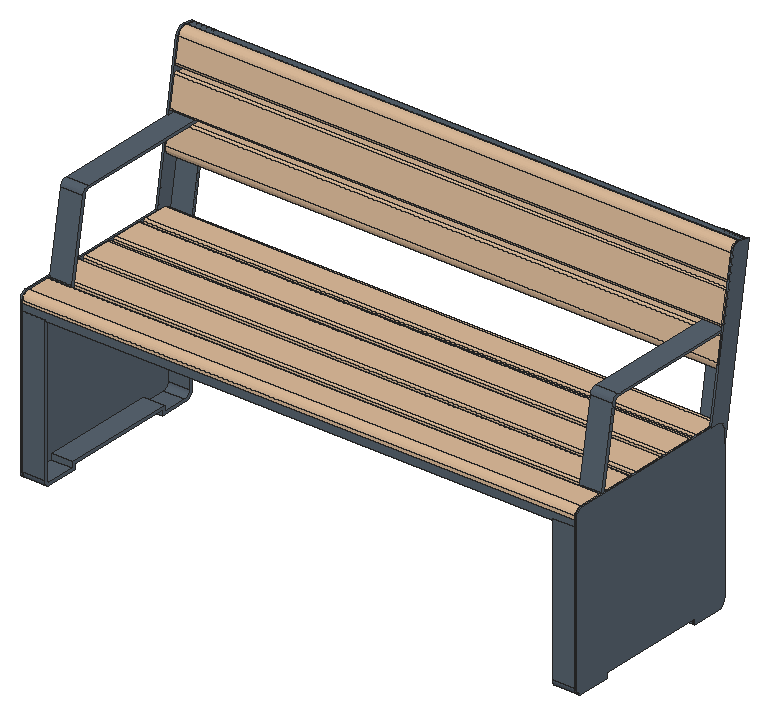
Revit family "product code 61104-S-L", category Meble, Revit 2021
Family settings
  Numer OmniClass = 23.40.20.00
  Tytuł OmniClass = General Furniture and Specialties
  Oparty na płaszczyźnie roboczej = Nie
  Zawsze pionowo = Tak
  Tnij formami wycięć po wczytaniu = Nie
  Współdzielony = Nie
  Punkt obliczania pomieszczeń = Nie
Parameters (values of type "61104-S-L")
  wood = Kobenhagen Wood - Larch
  metal = Kobenhagen RAL 5011
  Width = "58 cm"
  Weight = "65 kg"
  URL = "https://kobenhagen.com/en_US/p/Indre-By-3-person-Bench-wArmrest/204"
  Seat height = "45 cm"
  Product line = "Indre By"
  Product Groups = "Sofa Benches"
  Producent = "Lars Laj"
  Keynote = ""
  Opis = "Indre By 3-person Bench w/Armrest"
  Model = "61104-S-L"
  Material = "Larch, stainless steel, powder coated steel"
  Maintenance = "We recommend to examine and tighten all screws and bolt clamps after a few weeks’ use. In order to prevent cracks and to extend the life of the wood, it is recommended that the wood details should be oiled every 3-5 years."
  Lenght = "150 cm"
  Type Comments = ""
  Kobenhagen Materials = "larslaj.com/bim"
  Hosted on larslaj.com = "https://larslaj.com/bim"
  Height = "86 cm"
  Domyślna rzędna = 0 mm
  Copyright = "All designs and drawings are the intellectual property of Lars Laj A/S and are protected by Danish and international copyright laws."
Reference planes
  plane 1 "front": y = 0
  plane 2: z = 0
  plane 3 "Środek (Lewa/Prawa)": x = 0
  plane 4 "left": x = -745
  plane 5 "right": x = 745
  plane 6 "back": y = 575.242
  plane 7: x = -685
  plane 8: x = 685
  plane 9: x = 0
  plane 10: x = 208.333
  plane 11: z = 405.84
Forms (mm)
  Extrusion 1, solid, material "Kobenhagen Wood - Larch" <- "wood"
    sketch origin (0, 9.969, 21.46) x (0, 1, 0) y (0, 0, 1)
      loop
        arc (260.118, 430.04) -> (256.583, 428.576) -> (255.118, 425.04) r 5
        line (255.118, 425.04) -> (255.118, 388.972)
        arc (255.118, 388.972) -> (255.693, 387.586) -> (257.078, 387.012) r 1.96
        line (257.078, 387.012) -> (342.493, 387.012)
        arc (342.493, 387.012) -> (343.908, 387.598) -> (344.493, 389.012) r 2
        line (344.493, 389.012) -> (344.493, 425.04)
        arc (344.493, 425.04) -> (343.029, 428.576) -> (339.493, 430.04) r 5
        line (339.493, 430.04) -> (260.118, 430.04)
    from -745 to 745
  Extrusion 2, solid, material "Kobenhagen Wood - Larch" <- "wood"
    sketch origin (0, -92.48, 21.46) x (0, 1, 0) y (0, 0, 1)
      loop
        arc (260.118, 430.04) -> (256.583, 428.576) -> (255.118, 425.04) r 5
        line (255.118, 425.04) -> (255.118, 388.972)
        arc (255.118, 388.972) -> (255.693, 387.586) -> (257.078, 387.012) r 1.96
        line (257.078, 387.012) -> (342.493, 387.012)
        arc (342.493, 387.012) -> (343.908, 387.598) -> (344.493, 389.012) r 2
        line (344.493, 389.012) -> (344.493, 425.04)
        arc (344.493, 425.04) -> (343.029, 428.576) -> (339.493, 430.04) r 5
        line (339.493, 430.04) -> (260.118, 430.04)
    from -745 to 745
  Extrusion 3, solid, material "Kobenhagen Wood - Larch" <- "wood"
    sketch origin (0, -194.98, 21.46) x (0, 1, 0) y (0, 0, 1)
      loop
        arc (275.801, 430.04) -> (263.156, 425.553) -> (256.167, 414.098) r 20.061
        line (256.167, 414.098) -> (256.167, 405.294) -> (258.712, 405.294) -> (258.712, 387.013) -> (343.118, 387.013)
        arc (343.118, 387.013) -> (344.532, 387.598) -> (345.117, 389.012) r 1.999
        line (345.117, 389.012) -> (345.117, 425.043)
        arc (345.117, 425.043) -> (343.653, 428.577) -> (340.119, 430.04) r 4.998
        line (340.119, 430.04) -> (275.801, 430.04)
    from -745 to 745
  Extrusion 4, solid, material "Kobenhagen Wood - Larch" <- "wood"
    sketch origin (0, 112.52, 23.25) x (0, 1, 0) y (0, 0, 1)
      loop
        arc (260.118, 428.25) -> (256.583, 426.786) -> (255.118, 423.25) r 5
        line (255.118, 423.25) -> (255.118, 387.182)
        arc (255.118, 387.182) -> (255.693, 385.796) -> (257.078, 385.222) r 1.96
        line (257.078, 385.222) -> (342.493, 385.222)
        arc (342.493, 385.222) -> (343.908, 385.808) -> (344.493, 387.222) r 2
        line (344.493, 387.222) -> (344.493, 423.25)
        arc (344.493, 423.25) -> (343.029, 426.786) -> (339.493, 428.25) r 5
        line (339.493, 428.25) -> (260.118, 428.25)
    from -745 to 745
  Extrusion 5, solid, material "Kobenhagen Wood - Larch" <- "wood"
    sketch origin (0, 953.724, 450.045) x (0, 0.173648, 0.984808) y (0, -0.984808, 0.173648)
      loop
        arc (260.118, 430.036) -> (256.583, 428.571) -> (255.118, 425.036) r 5
        line (255.118, 425.036) -> (255.118, 389.305)
        arc (255.118, 389.305) -> (255.693, 387.919) -> (257.078, 387.345) r 1.96
        line (257.078, 387.345) -> (340.844, 387.345) -> (341.142, 404.427) -> (343.687, 404.427)
        arc (343.687, 404.427) -> (338.586, 422.281) -> (321.714, 430.036) r 22.231
        line (321.714, 430.036) -> (260.118, 430.036)
    from -745 to 745
  Extrusion 6, solid, material "Kobenhagen Wood - Larch" <- "wood"
    sketch origin (0, 935.653, 348.398) x (0, 0.173648, 0.984808) y (0, -0.984808, 0.173648)
      loop
        arc (260.118, 429.703) -> (256.583, 428.239) -> (255.118, 424.703) r 5
        line (255.118, 424.703) -> (255.118, 388.972)
        arc (255.118, 388.972) -> (255.693, 387.586) -> (257.078, 387.012) r 1.96
        line (257.078, 387.012) -> (342.493, 387.012)
        arc (342.493, 387.012) -> (343.908, 387.598) -> (344.493, 389.012) r 2
        line (344.493, 389.012) -> (344.493, 424.703)
        arc (344.493, 424.703) -> (343.029, 428.239) -> (339.493, 429.703) r 5
        line (339.493, 429.703) -> (260.118, 429.703)
    from -745 to 745
  Extrusion 7, solid, material "Kobenhagen RAL 5011" <- "metal"
    sketch origin (1495.378, 10, 0) x (0, -1, 0) y (0, 0, 1)
      loop
        line (-71.187, 451.5) -> (-526.545, 451.5)
        arc (-526.545, 451.5) -> (-542.168, 445.029) -> (-548.638, 429.407) r 22.093
        line (-548.638, 429.407) -> (-548.638, 21.615)
        arc (-548.638, 21.615) -> (-542.307, 6.331) -> (-527.023, 0) r 21.615
        line (-527.023, 0) -> (-448.638, 0) -> (-448.638, 15) -> (-153.638, 15) -> (-153.638, 0) -> (-69.418, 0)
        arc (-69.418, 0) -> (-56.527, 5.34) -> (-51.187, 18.231) r 18.231
        line (-51.187, 18.231) -> (-51.187, 431.5)
        arc (-51.187, 431.5) -> (-57.045, 445.642) -> (-71.187, 451.5) r 20
    from 750.378 to 745
  Extrusion 8, solid, material "Kobenhagen RAL 5011" <- "metal"
    sketch origin (1495.378, 10, 0) x (0, -1, 0) y (0, 0, 1)
      loop
        line (-548.638, 396.844) -> (-548.638, 429.407)
        arc (-548.638, 429.407) -> (-542.168, 445.029) -> (-526.545, 451.5) r 22.093
        line (-526.545, 451.5) -> (-507.306, 451.5) -> (-576.082, 841.547)
        arc (-576.082, 841.547) -> (-585.224, 855.898) -> (-601.836, 859.581) r 22.232
        line (-601.836, 859.581) -> (-629.375, 854.725) -> (-548.638, 396.844)
    from 745 to 750.378
  Extrusion 9, solid, material "Kobenhagen RAL 5011" <- "metal", not visible
    sketch origin (0, -20, 0) x (0, 1, 0) y (0, 0, 1)
      loop
        arc (91.187, 451.5) -> (77.045, 445.642) -> (71.187, 431.5) r 20
        line (71.187, 431.5) -> (71.187, 18.231)
        arc (71.187, 18.231) -> (76.527, 5.34) -> (89.418, 0) r 18.231
        line (89.418, 0) -> (173.638, 0) -> (173.638, 15) -> (468.638, 15) -> (468.638, 0) -> (547.023, 0)
        arc (547.023, 0) -> (562.307, 6.331) -> (568.638, 21.615) r 21.615
        line (568.638, 21.615) -> (568.638, 429.407)
        arc (568.638, 429.407) -> (562.168, 445.029) -> (546.545, 451.5) r 22.093
        line (546.545, 451.5) -> (91.187, 451.5)
    from 750.378 to 745
  Extrusion 10, solid, material "Kobenhagen RAL 5011" <- "metal", not visible
    sketch origin (0, -20, 0) x (0, 1, 0) y (0, 0, 1)
      loop
        line (568.638, 396.844) -> (649.375, 854.725) -> (621.836, 859.581)
        arc (621.836, 859.581) -> (605.224, 855.898) -> (596.082, 841.547) r 22.232
        line (596.082, 841.547) -> (527.306, 451.5) -> (546.545, 451.5)
        arc (546.545, 451.5) -> (562.168, 445.029) -> (568.638, 429.407) r 22.093
        line (568.638, 429.407) -> (568.638, 396.844)
    from 745 to 750.378
  Extrusion 11, solid, material "Kobenhagen RAL 5011" <- "metal"
    sketch origin (0, 10, 0) x (0, -1, 0) y (0, 0, 1)
      loop
        line (-71.187, 451.5) -> (-526.545, 451.5)
        arc (-526.545, 451.5) -> (-542.168, 445.029) -> (-548.638, 429.407) r 22.093
        line (-548.638, 429.407) -> (-548.638, 21.615)
        arc (-548.638, 21.615) -> (-542.307, 6.331) -> (-527.023, 0) r 21.615
        line (-527.023, 0) -> (-448.638, 0) -> (-448.638, 15) -> (-153.638, 15) -> (-153.638, 0) -> (-69.418, 0)
        arc (-69.418, 0) -> (-56.527, 5.34) -> (-51.187, 18.231) r 18.231
        line (-51.187, 18.231) -> (-51.187, 431.5)
        arc (-51.187, 431.5) -> (-57.045, 445.642) -> (-71.187, 451.5) r 20
    from 750.378 to 745
  Extrusion 12, solid, material "Kobenhagen RAL 5011" <- "metal"
    sketch origin (0, 10, 0) x (0, -1, 0) y (0, 0, 1)
      loop
        line (-548.638, 396.844) -> (-548.638, 429.407)
        arc (-548.638, 429.407) -> (-542.168, 445.029) -> (-526.545, 451.5) r 22.093
        line (-526.545, 451.5) -> (-507.306, 451.5) -> (-576.082, 841.547)
        arc (-576.082, 841.547) -> (-585.224, 855.898) -> (-601.836, 859.581) r 22.232
        line (-601.836, 859.581) -> (-629.375, 854.725) -> (-548.638, 396.844)
    from 745 to 750.378
  Extrusion 13, solid, material "Kobenhagen RAL 5011" <- "metal"
    sketch origin (0, 10, 0) x (0, 1, 0) y (0, 0, 1)
      loop
        line (548.638, 396.844) -> (629.375, 854.725) -> (621.989, 856.027) -> (543.073, 408.472) -> (51.187, 408.472) -> (51.187, 18.763)
        arc (51.187, 18.763) -> (56.683, 5.495) -> (69.95, 0) r 18.763
        line (69.95, 0) -> (153.638, 0) -> (153.638, 15) -> (448.638, 15) -> (448.638, 0) -> (525.342, 0)
        arc (525.342, 0) -> (541.815, 6.823) -> (548.638, 23.296) r 23.296
        line (548.638, 23.296) -> (548.638, 396.844)
      loop
        line (58.687, 400.262) -> (58.687, 18.763)
        arc (58.687, 18.763) -> (61.986, 10.799) -> (69.95, 7.5) r 11.263
        line (69.95, 7.5) -> (146.138, 7.5) -> (146.138, 22.5) -> (456.138, 22.5) -> (456.138, 7.5) -> (525.342, 7.5)
        arc (525.342, 7.5) -> (536.512, 12.127) -> (541.138, 23.296) r 15.796
        line (541.138, 23.296) -> (541.138, 400.262) -> (58.687, 400.262)
    from -745 to -685
  Extrusion 14, solid, material "Kobenhagen RAL 5011" <- "metal"
    sketch origin (0, 10, 0) x (0, 1, 0) y (0, 0, -1)
      loop
        line (548.638, -396.844) -> (548.638, -23.296)
        arc (548.638, -23.296) -> (541.815, -6.823) -> (525.342, 0) r 23.296
        line (525.342, 0) -> (448.638, 0) -> (448.638, -15) -> (153.638, -15) -> (153.638, 0) -> (69.95, 0)
        arc (69.95, 0) -> (56.683, -5.495) -> (51.187, -18.763) r 18.763
        line (51.187, -18.763) -> (51.187, -408.472) -> (543.073, -408.472) -> (621.989, -856.027) -> (629.375, -854.725) -> (548.638, -396.844)
      loop
        line (58.687, -400.262) -> (541.138, -400.262) -> (541.138, -23.296)
        arc (541.138, -23.296) -> (536.512, -12.127) -> (525.342, -7.5) r 15.796
        line (525.342, -7.5) -> (456.138, -7.5) -> (456.138, -22.5) -> (146.138, -22.5) -> (146.138, -7.5) -> (69.95, -7.5)
        arc (69.95, -7.5) -> (61.986, -10.799) -> (58.687, -18.763) r 11.263
        line (58.687, -18.763) -> (58.687, -400.262)
    from -745 to -685
  Extrusion 15, solid, material "Kobenhagen RAL 5011" <- "metal"
    sketch origin (0, 10, 0) x (0, 1, 0) y (0, 0, 1)
      loop
        line (577.348, 584.635) -> (621.711, 836.229) -> (618.595, 836.779) -> (574.232, 585.184) -> (577.348, 584.635)
      loop
        line (528.367, 408.472) -> (70.558, 408.472) -> (70.558, 405.84) -> (528.367, 405.84) -> (528.367, 408.472)
    from 30.17 to -30.156
  Extrusion 16, solid, material "Kobenhagen RAL 5011" <- "metal"
    sketch origin (-448.75, 7.5, 0) x (0, 1, 0) y (0, 0, -1)
      loop
        line (201.286, -666.675) -> (591.375, -666.675) -> (590.359, -660.675) -> (201.286, -660.675)
        arc (201.286, -660.675) -> (192.655, -657.664) -> (187.77, -649.936) r 13.876
        line (187.77, -649.936) -> (151.888, -450) -> (151.796, -407) -> (145.796, -407) -> (145.796, -450) -> (181.888, -651.132)
        arc (181.888, -651.132) -> (188.672, -662.542) -> (201.286, -666.675) r 18.898
    from 235.625 to 295.625
  Extrusion 17, solid, material "Kobenhagen RAL 5011" <- "metal"
    sketch origin (448.75, 7.5, 0) x (0, 1, 0) y (0, 0, 1)
      loop
        arc (201.286, 666.675) -> (188.672, 662.542) -> (181.888, 651.132) r 18.898
        line (181.888, 651.132) -> (145.796, 450) -> (145.796, 407) -> (151.796, 407) -> (151.888, 450) -> (187.77, 649.936)
        arc (187.77, 649.936) -> (192.655, 657.664) -> (201.286, 660.675) r 13.876
        line (201.286, 660.675) -> (590.359, 660.675) -> (591.375, 666.675) -> (201.286, 666.675)
    from 235.625 to 295.625
  Extrusion 18, solid, material "Kobenhagen RAL 5011" <- "metal"
    sketch origin (0, 10.504, 0.203) x (0, 1, 0) y (0, 0, 1)
      loop
        line (624.848, 855.34) -> (604.709, 859.052) -> (604.207, 856.208) -> (621.46, 853.027) -> (618.538, 836.456) -> (621.274, 835.952) -> (624.848, 855.34)
    from -745 to 745
  Extrusion 19, solid, material "Kobenhagen Wood - Larch" <- "wood"
    sketch origin (0, 1021.981, 837.303) x (0, -0.173648, -0.984808) y (0, 0.984808, -0.173648)
      loop
        line (260.118, -430.036) -> (321.714, -430.036)
        arc (321.714, -430.036) -> (338.586, -422.281) -> (343.687, -404.427) r 22.231
        line (343.687, -404.427) -> (341.142, -404.427) -> (340.844, -387.345) -> (257.078, -387.345)
        arc (257.078, -387.345) -> (255.693, -387.919) -> (255.118, -389.305) r 1.96
        line (255.118, -389.305) -> (255.118, -425.036)
        arc (255.118, -425.036) -> (256.583, -428.571) -> (260.118, -430.036) r 5
    from -745 to 745
  Extrusion 20, solid, material "Kobenhagen RAL 5011" <- "metal"
    sketch origin (0, 289.402, 1582.615) x (0, 0.939693, -0.34202) y (0, 0.34202, 0.939693)
      loop
        line (624.848, -855.34) -> (621.274, -835.952) -> (618.538, -836.456) -> (621.46, -853.027) -> (604.207, -856.208) -> (604.709, -859.052) -> (624.848, -855.34)
    from -745 to 745
  Extrusion 21, solid, material "Kobenhagen RAL 5011" <- "metal"
    sketch origin (0, 1015.287, 865.275) x (0, -0.181284, -0.983431) y (0, 0.983431, -0.181284)
      loop
        line (624.786, -855.002) -> (621.274, -835.952) -> (618.685, -836.429) -> (621.736, -852.976) -> (603.757, -856.291) -> (604.218, -858.793) -> (624.786, -855.002)
    from -745 to 745
  Extrusion 22, solid, material "Kobenhagen Wood - Larch" <- "wood"
    sketch origin (0, 813.906, 21.46) x (0, -1, 0) y (0, 0, -1)
      loop
        line (275.801, -430.04) -> (340.119, -430.04)
        arc (340.119, -430.04) -> (343.653, -428.577) -> (345.117, -425.043) r 4.998
        line (345.117, -425.043) -> (345.117, -389.012)
        arc (345.117, -389.012) -> (344.532, -387.598) -> (343.118, -387.013) r 1.999
        line (343.118, -387.013) -> (258.712, -387.013) -> (258.712, -405.294) -> (255.741, -405.294) -> (255.741, -410.134)
        arc (255.741, -410.134) -> (261.671, -424.219) -> (275.801, -430.04) r 20.061
    from -745 to 745
  Extrusion 23, solid, material "Kobenhagen RAL 5011" <- "metal"
    sketch origin (0, -396.361, 865.275) x (0, 0.181284, -0.983431) y (0, 0.983431, 0.181284)
      loop
        line (624.863, 855.422) -> (604.296, 859.213) -> (603.757, 856.291) -> (621.736, 852.976) -> (618.686, 836.429) -> (621.274, 835.952) -> (624.863, 855.422)
    from -745 to 745
Dimensions and locks
  Extrusion 1 sketch curve to Extrusion 1 sketch curve = 89.375 mm
  Extrusion 1 sketch curve to Extrusion 1 sketch curve = 43.028 mm
  Extrusion 2 sketch curve to Extrusion 2 sketch curve = 89.375 mm
  Extrusion 2 sketch curve to Extrusion 2 sketch curve = 43.028 mm
  Extrusion 3 sketch curve to Extrusion 3 sketch curve = 43.028 mm
  Extrusion 4 sketch curve to Extrusion 4 sketch curve = 89.375 mm
  Extrusion 4 sketch curve to Extrusion 4 sketch curve = 43.028 mm
  Extrusion 5 sketch curve to Extrusion 5 sketch curve = 42.691 mm
  Extrusion 6 sketch curve to Extrusion 6 sketch curve = 89.375 mm
  Extrusion 6 sketch curve to Extrusion 6 sketch curve = 42.691 mm
  Extrusion 19 sketch curve to Extrusion 19 sketch curve = 42.691 mm
  Extrusion 22 sketch curve to Extrusion 22 sketch curve = 43.028 mm
  aligned and locked: level to plane 2
  aligned and locked: plane 5 "right" to Extrusion 1
  aligned and locked: Extrusion 1 to plane 4 "left"
  aligned and locked: plane 5 "right" to Extrusion 4
  aligned and locked: Extrusion 2 to plane 5 "right"
  aligned and locked: Extrusion 3 to plane 5 "right"
  aligned and locked: plane 5 "right" to Extrusion 5
  aligned and locked: plane 5 "right" to Extrusion 6
  aligned and locked: Extrusion 5 to plane 4 "left"
  aligned and locked: Extrusion 6 to plane 4 "left"
  aligned and locked: Extrusion 4 to plane 4 "left"
  aligned and locked: Extrusion 2 to plane 4 "left"
  aligned and locked: plane 4 "left" to Extrusion 3
  aligned and locked: Extrusion 7 to Extrusion 8
  aligned and locked: Extrusion 11 to Extrusion 12
  aligned and locked: Extrusion 8 to plane 5 "right"
  aligned and locked: Extrusion 11 to plane 4 "left"
  aligned and locked: Extrusion 13 to plane 4 "left"
  aligned and locked: Extrusion 13 to plane 7
  aligned and locked: plane 8 to Extrusion 14
  aligned and locked: Extrusion 14 to plane 5 "right"
